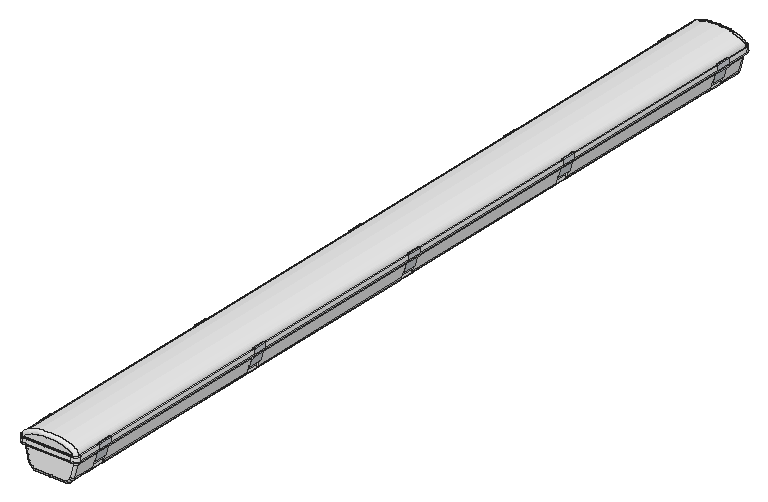
Revit family "0048719 Feilo Sylvania Lighting Fixture SYLPRF SUP LED G3 1500MM T 4K D MW", category Lighting Fixtures, host Face, Revit 2016
Family settings
  Host = Face
  Part Type = Normal
  Round Connector Dimension = Use Diameter
  OmniClass Number = 23.80.70.11.14
  OmniClass Title = General Luminaries, Directional
  Cut with Voids When Loaded = No
  Light Source = Yes
  Shared = No
  Room Calculation Point = No
Parameters (values of type "0048719 SYLPRF SUP LED G3 1500MM T 4K D MW")
  Width = 110 mm
  Weight = "2.46 kg"
  Wattage Comments = "n/a"
  Wattage = 48 W
  WarrantyStartDate [instance] = "n/a"
  WarrantyGuarantorParts = "n/a"
  WarrantyDurationUnit = "n/a"
  WarrantyDurationParts = "n/a"
  WarrantyDescription = "n/a"
  built-in parameter 1150110 = 1 (stored number, unit not read)
  Voltage = 230 V
  URL = "http://www.sylvania-lighting.com"
  TypeName = "SYLPRF SUP LED G3 1500MM T 4K D MW"
  Type Image = <None>
  Type Comments = "n/a"
  built-in parameter 1114217 = 1 (stored number, unit not read)
  Tilt Angle = -90.00°
  built-in parameter 1150109 = 1 (stored number, unit not read)
  built-in parameter 1150134 = 12
  built-in parameter 1150113 = 1 (stored number, unit not read)
  SerialNumber [instance] = "n/a"
  ReflectorMaterial = none
  PowerFactor = 0
  PowerConsumption = "48 W"
  Photometric Web File = "0048719.ies"
  NominalWidth = 0 mm
  NominalLength = 1578 mm
  NominalHeight = 78 mm
  Name = "SYLPRF SUP LED G3 1500MM T 4K D MW"
  ModelReference = "SYLPRF SUP LED G3 1500MM T 4K D MW"
  ModelNumber = "0048719"
  Model = "SYLPRF SUP LED G3 1500MM T 4K D MW"
  Material = "polycarbonate housing, polycarbonate diffuser"
  ManufacturerName = "Feilo Sylvania"
  Manufacturer = "Feilo Sylvania"
  LuminousEfficacy = "140 lm/W"
  built-in parameter 1150105 = 534.76 (stored number, unit not read)
  Lumens = 6720 lm
  LuminaireType = ""
  built-in parameter 1150115 = 1 (stored number, unit not read)
  LightOutputRatio = "n/a"
  built-in parameter 1150137 = (empty or 0)
  built-in parameter 1150139 = (empty or 0)
  Length = 1572 mm
  LampsType = Lamp  # "LED"
  LampNominalLuminous = "6750 lm"
  LampMacAdamStep = "3"
  LampColourTemperature = "4000 K"
  LampColourRenderingIndex = "80"
  built-in parameter 1150112 = 1 (stored number, unit not read)
  built-in parameter 1150114 = 1 (stored number, unit not read)
  Lamp = "LED"
  Keynote = "16500"
  InstallationDate [instance] = "n/a"
  InputVoltage = "220-240V~"
  InputNominalFrequency = "DC/50/60 Hz"
  built-in parameter 1150132 = (empty or 0)
  built-in parameter 1150102 = (empty or 0)
  built-in parameter 1150107 = 4000 (stored number, unit not read)
  built-in parameter 1150138 = (empty or 0)
  IngressProtection = "IP65"
  ImpactProtectionIndex = "IK08"
  built-in parameter 1150106 = 5.3476 (stored number, unit not read)
  IfcExportType = "IfcLightFixtureType"
  IfcExportAs = "IfcLightFixtureType"
  ExpectedLife = 50000
  Emit from Rectangle Width = Width - 20 mm  # 90 mm
  Emit from Rectangle Length = Length - 20 mm  # 1552 mm
  Emit Shape Visible in Rendering = no
  ElectricShockClassification = "Class I"
  built-in parameter 1150104 = 13.006 (stored number, unit not read)
  DurationUnit = "hours"
  DocumentationLiterature = "http://www.sylvania-lighting.com/product/en-int/products/0048719"
  DimmingControlOptions = "Dimmable"
  Dimming Lamp Color Temperature Shift = <None>
  DiffuserMaterial = Diffuser-Sylvania-Transparent
  Description = "Sylproof Superia, integrated LED weatherproof luminaire, with UV stabilized flat diffuser and linear prisms designed to achieve uniform lit appearance, optimise light output and to reduce glare, stainless steel diffuser clips and fixing brackets for surface and wall mounting. L 1578 mm x W 110 mm x H 78 mm size, Polycarbonate housing, Polycarbonate diffuser, DALI dimmable, with MW sensor, 4000K, CRI80,  6750 lm, 48 W, 140 lm/W, nominal average life (h):50000, energy class: A++ A+ A Class I,IK08, IP65."
  Default Elevation = 1219.2 mm
  CreatedOn = "3/27/2018"
  CreatedBy = "aron.fodor@feilosylvania.com"
  Cost = 0
  Color Filter = 16777215
  built-in parameter 1114216 [instance] = (empty or 0)
  ClassificationValue = "EF_70_80"
  ClassificationName = "Uniclass2015"
  BodyMaterial = Body-Sylvania-Gray
  BarCode [instance] = "n/a"
  built-in parameter 1114218 = 1 (stored number, unit not read)
  built-in parameter 1150133 = 10 (stored number, unit not read)
  AssetType = "Fixed"
  AssetIdentifier [instance] = "n/a"
  Assembly Code = "D5020200"
  Apparent Load = 48 VA
  AccessoryMaterial = Diffuser-Sylvania-Glow
Reference planes
  plane 1 "Center (Front/Back)": y = 0
  plane 2: z = 0
  plane 3 "Center (Left/Right)": x = 0
  plane 4: z = 54
  plane 5: x = -27.7
  plane 6: x = -34.8
  plane 7: x = -39.6
  plane 8: x = -42.2
  plane 9: z = 3
  plane 10: z = 7.8
  plane 11: z = 12.3
  plane 12: z = 36.6
  plane 13: z = 42.8
  plane 14: x = -51.1
  plane 15: z = 46.2
  plane 16: x = -55
  plane 17: y = 786
  plane 18: y = -786
  plane 19: x = 27.7
  plane 20: x = 34.8
  plane 21: x = 39.6
  plane 22: x = 42.2
  plane 23: x = 51.1
  plane 24: x = 55
  plane 25: y = 778.4
  plane 26: y = -778.4
  plane 27: y = -774.7
  plane 28: y = 774.7
  plane 29: z = 74
  plane 30: x = -51.5
  plane 31: x = 51.5
  plane 32: z = 55.2
  plane 33: y = -782.5
  plane 34: y = 782.5
  plane 35: x = -37.5
  plane 36: x = 37.5
  plane 37: x = -48.7
  plane 38: x = 48.7
  plane 39: x = 18
  plane 40: x = -18
  plane 41: z = 50.2
  plane 42: z = 24.6
  plane 43: y = 720
  plane 44: y = 706
  plane 45: y = 734
  plane 46: y = -720
  plane 47: y = 720
  plane 48: y = 706
  plane 49: y = 734
  plane 50: y = -720
  plane 51: y = -734
  plane 52: y = -706
  plane 53: y = 360
  plane 54: y = 346
  plane 55: y = 374
  plane 56: y = 0
  plane 57: y = -14
  plane 58: y = 14
  plane 59: y = -360
  plane 60: y = -374
  plane 61: y = -346
Forms (mm)
  Sweep 1, solid, material "Body-Sylvania-Gray" <- "BodyMaterial", detail levels medium+fine
    path origin (1223.4, -4572, 54) x (0, -1, 0) y (1, 0, 0)
      loop
        arc (-3796, -1278.4) -> (-3788.929, -1275.471) -> (-3786, -1268.4) r 10
        line (-3786, -1268.4) -> (-3786, -1178.4)
        arc (-3786, -1178.4) -> (-3788.929, -1171.329) -> (-3796, -1168.4) r 10
        line (-3796, -1168.4) -> (-5348, -1168.4)
        arc (-5348, -1168.4) -> (-5355.071, -1171.329) -> (-5358, -1178.4) r 10
        line (-5358, -1178.4) -> (-5358, -1268.4)
        arc (-5358, -1268.4) -> (-5355.071, -1275.471) -> (-5348, -1278.4) r 10
        line (-5348, -1278.4) -> (-3796, -1278.4)
    profile origin (-55, 0, 54) x (-1, 0, 0) y (0, 0, 1)
      loop
        line (0, 0) -> (-1, 0) -> (-1, -7.726)
        arc (-1, -7.726) -> (-1.994, -9.498) -> (-3.9, -10.2) r 2.937
        line (-3.9, -10.2) -> (-8.571, -10.2) -> (-8.571, -11.2) -> (-3.9, -11.2)
        arc (-3.9, -11.2) -> (-1.313, -10.231) -> (0, -7.8) r 3.937
        line (0, -7.8) -> (0, 0)
  Sweep 2, solid, material "Body-Sylvania-Gray" <- "BodyMaterial", detail levels medium+fine
    path origin (0, 0, 0) x (1, 0, 0) y (0, 0, 1)
      loop
        line (48.7, 42.8) -> (48.7, 36.6) -> (42.203, 12.31)
        arc (42.203, 12.31) -> (41.199, 9.884) -> (39.6, 7.8) r 10.052
        line (39.6, 7.8) -> (34.8, 3)
        arc (34.8, 3) -> (31.554, 0.781) -> (27.7, 0) r 9.902
        line (27.7, 0) -> (0, 0) -> (-27.7, 0)
        arc (-27.7, 0) -> (-31.554, 0.781) -> (-34.8, 3) r 9.902
        line (-34.8, 3) -> (-39.6, 7.8)
        arc (-39.6, 7.8) -> (-41.199, 9.884) -> (-42.203, 12.31) r 10.052
        line (-42.203, 12.31) -> (-48.7, 36.6) -> (-48.7, 42.8)
    profile origin (0, 0, 0) x (0, 0, -1) y (0, -1, 0)
      loop
        arc (0, 773.4) -> (-1.464, 776.936) -> (-5, 778.4) r 5
        line (-5, 778.4) -> (-7.8, 778.4) -> (-7.8, -778.4) -> (-5, -778.4)
        arc (-5, -778.4) -> (-1.464, -776.936) -> (0, -773.4) r 5
        line (0, -773.4) -> (0, 773.4)
  Extrusion 3, solid, material "Body-Sylvania-Gray" <- "BodyMaterial", detail levels medium+fine
    sketch origin (1524, 778.4, 1219.2) x (1, 0, 0) y (0, 0, 1)
      loop
        arc (-1558.668, -1204.874) -> (-1558.443, -1205.418) -> (-1558.085, -1205.885) r 2.252
        line (-1558.085, -1205.885) -> (-1553.231, -1210.738)
        arc (-1553.231, -1210.738) -> (-1552.534, -1211.227) -> (-1551.7, -1211.4) r 2.102
        line (-1551.7, -1211.4) -> (-1496.3, -1211.4)
        arc (-1496.3, -1211.4) -> (-1495.466, -1211.227) -> (-1494.769, -1210.738) r 2.102
        line (-1494.769, -1210.738) -> (-1489.915, -1205.885)
        arc (-1489.915, -1205.885) -> (-1489.557, -1205.418) -> (-1489.332, -1204.874) r 2.252
        line (-1489.332, -1204.874) -> (-1483.1, -1181.575) -> (-1483.1, -1176.4) -> (-1564.9, -1176.4) -> (-1564.9, -1181.575) -> (-1558.668, -1204.874)
    from 0 to 1556.8
  Sweep 4, solid, material "Diffuser-Sylvania-Transparent" <- "DiffuserMaterial", detail levels medium+fine
    path origin (0, 0, 0) x (1, 0, 0) y (0, 0, 1)
      loop
        spline (-51.5, 55.2) -> (-49.745, 60.066) -> (-44.6, 64.6) -> (-36.416, 68.494) -> (-25.75, 71.481) -> (-13.329, 73.359) -> (0, 74) -> (13.329, 73.359) -> (25.75, 71.481) -> (36.416, 68.494) -> (44.6, 64.6) -> (49.745, 60.066) -> (51.5, 55.2)
    profile origin (51.5, 0, 55.2) x (0, -1, 0) y (1, 0, 0)
      loop
        arc (782.5, -5.5) -> (780.889, -1.611) -> (777, 0) r 5.5
        line (777, 0) -> (-777, 0)
        arc (-777, 0) -> (-780.889, -1.611) -> (-782.5, -5.5) r 5.5
        line (-782.5, -5.5) -> (-782.5, -6.3) -> (-781.5, -6.3) -> (-781.5, -5.5)
        arc (-781.5, -5.5) -> (-780.182, -2.318) -> (-777, -1) r 4.5
        line (-777, -1) -> (777, -1)
        arc (777, -1) -> (780.182, -2.318) -> (781.5, -5.5) r 4.5
        line (781.5, -5.5) -> (781.5, -6.347) -> (782.5, -6.347) -> (782.5, -5.5)
  Extrusion 5, solid, material "Diffuser-Sylvania-Transparent" <- "DiffuserMaterial", detail levels medium+fine
    sketch origin (1524, -782.5, 1219.2) x (1, 0, 0) y (0, 0, 1)
      loop
        line (-1569.653, -1164) -> (-1478.347, -1164)
        spline (-1478.347, -1164) -> (-1478.969, -1162.594) -> (-1482.527, -1159.545) -> (-1489.588, -1156.201) -> (-1499.458, -1153.445) -> (-1511.242, -1151.663) -> (-1524, -1151.049) -> (-1536.758, -1151.663) -> (-1548.542, -1153.445) -> (-1558.412, -1156.201) -> (-1565.473, -1159.545) -> (-1569.031, -1162.594) -> (-1569.653, -1164)
    from 0 to -1
  Extrusion 6, solid, material "Diffuser-Sylvania-Transparent" <- "DiffuserMaterial", detail levels medium+fine
    sketch origin (1524, 782.5, 1219.2) x (1, 0, 0) y (0, 0, 1)
      loop
        spline (-1478.3, -1164) -> (-1478.931, -1162.565) -> (-1482.502, -1159.505) -> (-1489.572, -1156.155) -> (-1499.446, -1153.394) -> (-1511.236, -1151.614) -> (-1524, -1151.007) -> (-1536.764, -1151.614) -> (-1548.554, -1153.394) -> (-1558.428, -1156.155) -> (-1565.498, -1159.505) -> (-1569.069, -1162.565) -> (-1569.7, -1164)
        line (-1569.7, -1164) -> (-1478.3, -1164)
    from 0 to 1
  Extrusion 7, solid, material "Diffuser-Sylvania-Transparent" <- "DiffuserMaterial", detail levels medium+fine
    sketch origin (1223.4, -4572, 55.2) x (0, -1, 0) y (-1, 0, 0)
      loop
        arc (-5353.5, 1177.4) -> (-5352.182, 1174.218) -> (-5349, 1172.9) r 4.5
        line (-5349, 1172.9) -> (-3795, 1172.9)
        arc (-3795, 1172.9) -> (-3791.818, 1174.218) -> (-3790.5, 1177.4) r 4.5
        line (-3790.5, 1177.4) -> (-3790.5, 1269.4)
        arc (-3790.5, 1269.4) -> (-3791.818, 1272.582) -> (-3795, 1273.9) r 4.5
        line (-3795, 1273.9) -> (-5349, 1273.9)
        arc (-5349, 1273.9) -> (-5352.182, 1272.582) -> (-5353.5, 1269.4) r 4.5
        line (-5353.5, 1269.4) -> (-5353.5, 1177.4)
      loop
        line (-5358, 1268.4) -> (-5358, 1178.4)
        arc (-5358, 1178.4) -> (-5355.071, 1171.329) -> (-5348, 1168.4) r 10
        line (-5348, 1168.4) -> (-3796, 1168.4)
        arc (-3796, 1168.4) -> (-3788.929, 1171.329) -> (-3786, 1178.4) r 10
        line (-3786, 1178.4) -> (-3786, 1268.4)
        arc (-3786, 1268.4) -> (-3788.929, 1275.471) -> (-3796, 1278.4) r 10
        line (-3796, 1278.4) -> (-5348, 1278.4)
        arc (-5348, 1278.4) -> (-5355.071, 1275.471) -> (-5358, 1268.4) r 10
    from 0 to 1.2
  Extrusion 8, solid, material "Diffuser-Sylvania-Glow" <- "AccessoryMaterial", detail levels fine
    sketch origin (0, 0, 0) x (1, 0, 0) y (0, 0, 1)
      loop
        circle (-18, 50.2) r 8
      loop
        circle (18, 50.2) r 8
    from -774.7 to 774.7
  Extrusion 9, void
    sketch origin (0, 720, 2343.807) x (0, 0, -1) y (-1, 0, 0)
      loop
        line (2340.807, -37.5) -> (2331.507, -37.5) -> (2319.207, -42.2) -> (2319.207, -48.7) -> (2340.807, -48.7) -> (2340.807, -37.5)
      loop
        line (2340.807, 37.5) -> (2340.807, 48.7) -> (2319.207, 48.7) -> (2319.207, 42.2) -> (2331.507, 37.5) -> (2340.807, 37.5)
    from -14 to 14
  Extrusion 10, solid, material "Body-Sylvania-Gray" <- "BodyMaterial", detail levels coarse
    sketch origin (0, 0, 0) x (1, 0, 0) y (0, 0, 1)
      loop
        line (55, 42.8) -> (55, 55.2) -> (-55, 55.2) -> (-55, 42.791) -> (-42.2, 0) -> (42.2, 0) -> (55, 42.8)
    from -786 to 786
  Extrusion 11, solid, material "Diffuser-Sylvania-Transparent" <- "DiffuserMaterial", detail levels coarse
    sketch origin (0, 0, 0) x (1, 0, 0) y (0, 0, 1)
      loop
        arc (51.5, 55.2) -> (0, 74) -> (-51.5, 55.2) r 79.939
        line (-51.5, 55.2) -> (51.5, 55.2)
    from 778.4 to -778.4
  Extrusion 12, void, not visible
    sketch origin (0, 720, 2343.807) x (0, 0, -1) y (-1, 0, 0)
      loop
        line (2340.807, -37.5) -> (2331.507, -37.5) -> (2319.207, -42.2) -> (2319.207, -48.7) -> (2340.807, -48.7) -> (2340.807, -37.5)
      loop
        line (2340.807, 37.5) -> (2340.807, 48.7) -> (2319.207, 48.7) -> (2319.207, 42.2) -> (2331.507, 37.5) -> (2340.807, 37.5)
    from -14 to 14
  Extrusion 13, void
    sketch origin (0, -720, 2343.807) x (0, 0, -1) y (-1, 0, 0)
      loop
        line (2340.807, -37.5) -> (2331.507, -37.5) -> (2319.207, -42.2) -> (2319.207, -48.7) -> (2340.807, -48.7) -> (2340.807, -37.5)
      loop
        line (2340.807, 37.5) -> (2340.807, 48.7) -> (2319.207, 48.7) -> (2319.207, 42.2) -> (2331.507, 37.5) -> (2340.807, 37.5)
    from -14 to 14
  Extrusion 14, void
    sketch origin (0, 360, 2343.807) x (0, 0, -1) y (-1, 0, 0)
      loop
        line (2340.807, -37.5) -> (2331.507, -37.5) -> (2319.207, -42.2) -> (2319.207, -48.7) -> (2340.807, -48.7) -> (2340.807, -37.5)
      loop
        line (2340.807, 37.5) -> (2340.807, 48.7) -> (2319.207, 48.7) -> (2319.207, 42.2) -> (2331.507, 37.5) -> (2340.807, 37.5)
    from -14 to 14
  Extrusion 15, void
    sketch origin (0, 0, 2343.807) x (0, 0, -1) y (-1, 0, 0)
      loop
        line (2340.807, -37.5) -> (2331.507, -37.5) -> (2319.207, -42.2) -> (2319.207, -48.7) -> (2340.807, -48.7) -> (2340.807, -37.5)
      loop
        line (2340.807, 37.5) -> (2340.807, 48.7) -> (2319.207, 48.7) -> (2319.207, 42.2) -> (2331.507, 37.5) -> (2340.807, 37.5)
    from -14 to 14
  Extrusion 16, void
    sketch origin (0, -360, 2343.807) x (0, 0, -1) y (-1, 0, 0)
      loop
        line (2340.807, -37.5) -> (2331.507, -37.5) -> (2319.207, -42.2) -> (2319.207, -48.7) -> (2340.807, -48.7) -> (2340.807, -37.5)
      loop
        line (2340.807, 37.5) -> (2340.807, 48.7) -> (2319.207, 48.7) -> (2319.207, 42.2) -> (2331.507, 37.5) -> (2340.807, 37.5)
    from -14 to 14
Cuts and joins
  Extrusion 9, Extrusion 13, Extrusion 14, Extrusion 15, Extrusion 16 cuts Sweep 2
  Extrusion 13, Extrusion 14, Extrusion 15, Extrusion 16 cuts Extrusion 3
  joined: Sweep 2, Extrusion 3
  joined: Sweep 4, Extrusion 5, Extrusion 6
Dimensions and locks
  locked: plane 4 to plane 2 at 54
  plane 5 to plane 6 to plane 7 to plane 8 to plane 14 to plane 16 = 7.1 mm locked, 4.8 mm locked, 2.6 mm locked, 8.9 mm, 3.9 mm
  plane 4 to plane 15 to plane 13 to plane 12 to plane 11 to plane 10 to plane 9 = 7.8 mm locked, 3.4 mm, 6.2 mm locked, 24.3 mm locked, 4.5 mm locked, 4.8 mm locked
  equal spacing: plane 18, plane 1 "Center (Front/Back)", plane 17
  "Length": plane 18 to plane 17
  plane 19 to plane 20 to plane 21 to plane 22 to plane 23 to plane 24 = 7.1 mm locked, 4.8 mm locked, 2.6 mm locked, 8.9 mm, 3.9 mm
  equal spacing: plane 24, plane 3 "Center (Left/Right)", plane 16
  "Width": plane 24 to plane 16
  equal spacing: plane 27, plane 1 "Center (Front/Back)", plane 28
  locked: plane 26 to plane 27 at 3.7
  locked: Sweep 1 sketch curve to profile plane at 1
  locked: Sweep 1 sketch curve to plane 13 at 1
  locked: Sweep 1 sketch curve to plane 13 at 3.937  (x2)
  locked: Sweep 1 sketch curve to profile plane at 3.9  (x2)
  locked: plane 29 to plane 4 at 20
  equal spacing: plane 31, plane 3 "Center (Left/Right)", plane 30
  locked: plane 30 to plane 16 at 3.5
  locked: plane 32 to plane 4 at 1.2
  equal spacing: plane 33, plane 1 "Center (Front/Back)", plane 34
  equal spacing: plane 36, plane 3 "Center (Left/Right)", plane 35
  locked: plane 3 "Center (Left/Right)" to plane 35 at 37.5
  locked: plane 34 to plane 17 at 3.5
  equal spacing: plane 38, plane 3 "Center (Left/Right)", plane 37
  locked: plane 37 to plane 16 at 6.3
  equal spacing: plane 25, plane 1 "Center (Front/Back)", plane 26
  locked: plane 17 to plane 25 at 7.6
  locked: Sweep 2 sketch curve to plane 2 at 5  (x2)
  locked: Sweep 2 sketch curve to plane 26 at 5
  locked: plane 25 to Sweep 2 sketch curve at 5
  locked: Sweep 4 sketch curve to plane 31 at 5.5  (x2)
  locked: Sweep 4 sketch curve to plane 34 at 5.5
  plane 33 to Sweep 4 sketch curve = 5.5 mm
  locked: plane 34 to Sweep 4 sketch curve at 1
  locked: Sweep 4 sketch curve to plane 31 at 1
  locked: Sweep 4 sketch curve to Sweep 4 sketch curve at 1
  locked: Sweep 4 sketch curve to plane 31 at 6.347
  locked: Sweep 4 sketch curve to plane 31 at 6.3
  equal spacing: plane 39, plane 3 "Center (Left/Right)", plane 40
  locked: plane 3 "Center (Left/Right)" to plane 40 at 18
  locked: plane 42 to plane 2 at 24.6
  plane 45 to plane 43 to plane 44 = 14 mm locked, 14 mm locked
  locked: plane 17 to plane 43 at 66
  equal spacing: plane 43, plane 1 "Center (Front/Back)", plane 46
  plane 49 to plane 47 to plane 48 = 14 mm locked, 14 mm locked
  plane 52 to plane 50 to plane 51 = 14 mm locked, 14 mm locked  (x2)
  equal spacing: group 1, group 6, group 7, group 8, group 5  (x2)
  equal spacing: group 5, group 8, group 7, group 6, group 1
  plane 55 to plane 53 to plane 54 = 14 mm locked, 14 mm locked  (x2)
  plane 58 to plane 56 to plane 57 = 14 mm locked, 14 mm locked  (x2)
  plane 61 to plane 59 to plane 60 = 14 mm locked, 14 mm locked  (x2)
  plane 43 to plane 53 to plane 1 "Center (Front/Back)" to plane 59 to plane 50 = 360 mm locked, 360 mm locked, 360 mm locked, 360 mm locked
  aligned and locked: plane 2 to host face
  aligned and locked: level to host face
  aligned and locked: plane 16 to Sweep 1 sketch curve
  aligned and locked: Sweep 1 sketch curve to plane 24
  aligned and locked: plane 18 to Sweep 1 sketch curve
  aligned and locked: Sweep 1 sketch curve to plane 13
  aligned and locked: profile plane to Sweep 1 sketch curve
  aligned and locked: plane 3 "Center (Left/Right)" to Sweep 2 sketch curve
  aligned and locked: plane 9 to Sweep 2 sketch curve
  aligned and locked: plane 10 to Sweep 2 sketch curve
  aligned and locked: plane 37 to Sweep 2 sketch curve
  aligned and locked: plane 12 to Sweep 2 sketch curve
  aligned and locked: Sweep 2 sketch curve to level
  aligned and locked: plane 21 to Sweep 2 sketch curve
  aligned and locked: plane 38 to Sweep 2 sketch curve
  aligned and locked: profile plane to Sweep 2 sketch curve
  aligned and locked: plane 25 to Sweep 2 sketch curve
  aligned and locked: Sweep 2 sketch curve to plane 10
  aligned and locked: Extrusion 3 sketch curve to Sweep 2  (x7)
  aligned and locked: Sweep 2 to Extrusion 3 sketch curve
  aligned and locked: Extrusion 3 to plane 25
  aligned and locked: plane 26 to Extrusion 3
  aligned and locked: plane 32 to Sweep 4 sketch curve
  aligned and locked: plane 33 to Sweep 4 sketch curve
  aligned and locked: Sweep 4 to Extrusion 5
  aligned and locked: plane 33 to Extrusion 5
  aligned and locked: Extrusion 5 sketch curve to Sweep 4
  aligned and locked: cut or joined group of Sweep 4, Extrusion 5, Extrusion 6 to Extrusion 6 sketch curve
  aligned and locked: Extrusion 7 sketch curve to cut or joined group of Sweep 4, Extrusion 5, Extrusion 6  (x2)
  aligned and locked: cut or joined group of Sweep 4, Extrusion 5, Extrusion 6 to Extrusion 7 sketch curve  (x2)
  aligned and locked: plane 41 to Extrusion 8 sketch curve  (x2)
  aligned and locked: plane 39 to Extrusion 8 sketch curve
  aligned and locked: plane 27 to Extrusion 8
  aligned and locked: Extrusion 8 to plane 28
  aligned and locked: Extrusion 9 to plane 42
  aligned and locked: plane 9 to Extrusion 9
  aligned and locked: plane 44 to Extrusion 9
  aligned and locked: Extrusion 9 to plane 45
  aligned and locked: Extrusion 7 sketch curve to Sweep 1  (x4)
  aligned and locked: plane 4 to Extrusion 7
  aligned and locked: Extrusion 7 to plane 32
  aligned and locked: nested 2 to plane 43
  aligned and locked: plane 43 to nested 1
  aligned and locked: Extrusion 10 sketch curve to plane 24
  aligned and locked: Extrusion 10 sketch curve to Extrusion 7
  aligned and locked: plane 8 to Extrusion 10 sketch curve
  aligned and locked: plane 22 to Extrusion 10 sketch curve
  aligned and locked: level to Extrusion 10 sketch curve
  aligned and locked: Extrusion 10 to plane 17
  aligned and locked: plane 18 to Extrusion 10
  aligned and locked: cut or joined group of Sweep 4, Extrusion 5, Extrusion 6 to Extrusion 11 sketch curve
  aligned and locked: Extrusion 11 sketch curve to cut or joined group of Sweep 4, Extrusion 5, Extrusion 6  (x2)
  aligned and locked: plane 31 to Extrusion 11 sketch curve
  aligned and locked: plane 30 to Extrusion 11 sketch curve
  aligned and locked: plane 26 to Extrusion 11
  aligned and locked: Extrusion 11 to plane 25
  aligned and locked: imposter light to plane 29
  aligned and locked: plane 3 "Center (Left/Right)" to imposter light
  aligned and locked: plane 1 "Center (Front/Back)" to imposter light
  aligned and locked: plane 51 to Extrusion 13
  aligned and locked: Extrusion 13 to plane 52
  aligned and locked: plane 54 to Extrusion 14
  aligned and locked: Extrusion 14 to plane 55
  aligned and locked: plane 57 to Extrusion 15
  aligned and locked: Extrusion 15 to plane 58
  aligned and locked: plane 60 to Extrusion 16
  aligned and locked: Extrusion 16 to plane 61
  aligned and locked: nested 3 to plane 53
  aligned and locked: plane 53 to nested 10
  aligned and locked: nested 4 to plane 56
  aligned and locked: plane 56 to nested 9
  aligned and locked: nested 5 to plane 59
  aligned and locked: plane 59 to nested 8
  aligned and locked: nested 6 to plane 50
  aligned and locked: plane 50 to nested 7
Automatic sketch dimensions
  host sketch curve to host sketch curve = 2438.4 mm  (x2)
  plane 17 to Sweep 1 sketch curve = 0 mm
  Sweep 1 sketch curve to plane 28 = 1.3 mm
  Sweep 1 sketch curve to plane 7 = 5.4 mm
  plane 27 to Sweep 1 sketch curve = 1.3 mm  (x2)
  Sweep 1 sketch curve to Sweep 1 sketch curve = 4.671 mm
  Sweep 1 sketch curve to plane 4 = 0 mm
  Sweep 2 sketch curve to plane 7 = 0 mm
  Sweep 2 sketch curve to plane 6 = 0 mm
  Sweep 2 sketch curve to plane 5 = 0 mm
  plane 19 to Sweep 2 sketch curve = 0 mm
  Sweep 2 sketch curve to plane 9 = 0 mm
  plane 20 to Sweep 2 sketch curve = 0 mm
  Sweep 2 sketch curve to plane 12 = 0 mm
  Sweep 2 sketch curve to plane 10 = 0 mm
  Sweep 2 sketch curve to plane 13 = 0 mm  (x2)
  Sweep 2 sketch curve to plane 8 = 0.003 mm
  plane 6 to Sweep 2 sketch curve = 2.308 mm
  plane 20 to Sweep 2 sketch curve = 2.308 mm
  Sweep 2 sketch curve to plane 22 = 0.003 mm
  Sweep 2 sketch curve to plane 11 = 0.01 mm  (x2)
  Extrusion 3 sketch curve to plane 5 = 0 mm
  plane 19 to Extrusion 3 sketch curve = 0 mm
  plane 6 to Extrusion 3 sketch curve = 0.132 mm
  plane 6 to Extrusion 3 sketch curve = 0.715 mm
  Extrusion 3 sketch curve to Extrusion 3 sketch curve = 1.592 mm
  Extrusion 3 sketch curve to plane 10 = 0.662 mm  (x2)
  plane 20 to Extrusion 3 sketch curve = 2.308 mm
  plane 20 to Extrusion 3 sketch curve = 0.715 mm
  plane 20 to Extrusion 3 sketch curve = 0.132 mm
  Sweep 4 sketch curve to plane 30 = 0 mm
  Sweep 4 sketch curve to plane 3 "Center (Left/Right)" = 0 mm
  Sweep 4 sketch curve to Sweep 4 sketch curve = 0 mm  (x2)
  plane 37 to Extrusion 5 sketch curve = 3.047 mm
  Extrusion 5 sketch curve to plane 38 = 3.047 mm
  plane 37 to Extrusion 6 sketch curve = 3 mm
  Extrusion 6 sketch curve to plane 38 = 3 mm
  plane 25 to Extrusion 7 sketch curve = 1.4 mm  (x2)
  Extrusion 7 sketch curve to plane 26 = 1.4 mm  (x2)
  Extrusion 8 sketch curve to plane 40 = 0 mm
  Extrusion 9 sketch curve to Extrusion 9 sketch curve = 0 mm
  Extrusion 9 sketch curve to Extrusion 9 sketch curve = 12.3 mm  (x2)
  Extrusion 9 sketch curve to Extrusion 9 sketch curve = 9.3 mm  (x2)
  Extrusion 9 sketch curve to Extrusion 9 sketch curve = 6.5 mm
  Extrusion 9 sketch curve to Extrusion 9 sketch curve = 4.7 mm  (x2)
  Extrusion 9 sketch curve to Extrusion 9 sketch curve = 75 mm
  Extrusion 9 sketch curve to Extrusion 9 sketch curve = 11.2 mm
  Extrusion 10 sketch curve to plane 13 = 0 mm
  plane 13 to Extrusion 10 sketch curve = 0.009 mm
  Extrusion 11 sketch curve to level = 5.939 mm
  Extrusion 10 sketch curve to plane 16 = 0 mm
  Extrusion 12 sketch curve to Extrusion 12 sketch curve = 0 mm
  Extrusion 12 sketch curve to Extrusion 12 sketch curve = 12.3 mm  (x2)
  Extrusion 12 sketch curve to Extrusion 12 sketch curve = 9.3 mm  (x2)
  Extrusion 12 sketch curve to Extrusion 12 sketch curve = 6.5 mm
  Extrusion 12 sketch curve to Extrusion 12 sketch curve = 4.7 mm  (x2)
  Extrusion 12 sketch curve to Extrusion 12 sketch curve = 75 mm
  Extrusion 12 sketch curve to Extrusion 12 sketch curve = 11.2 mm
  Extrusion 13 sketch curve to Extrusion 13 sketch curve = 0 mm
  Extrusion 13 sketch curve to Extrusion 13 sketch curve = 12.3 mm  (x2)
  Extrusion 13 sketch curve to Extrusion 13 sketch curve = 9.3 mm  (x2)
  Extrusion 13 sketch curve to Extrusion 13 sketch curve = 6.5 mm
  Extrusion 13 sketch curve to Extrusion 13 sketch curve = 4.7 mm  (x2)
  Extrusion 13 sketch curve to Extrusion 13 sketch curve = 75 mm
  Extrusion 13 sketch curve to Extrusion 13 sketch curve = 11.2 mm
  Extrusion 14 sketch curve to Extrusion 14 sketch curve = 0 mm
  Extrusion 14 sketch curve to Extrusion 14 sketch curve = 12.3 mm  (x2)
  Extrusion 14 sketch curve to Extrusion 14 sketch curve = 9.3 mm  (x2)
  Extrusion 14 sketch curve to Extrusion 14 sketch curve = 6.5 mm
  Extrusion 14 sketch curve to Extrusion 14 sketch curve = 4.7 mm  (x2)
  Extrusion 14 sketch curve to Extrusion 14 sketch curve = 75 mm
  Extrusion 14 sketch curve to Extrusion 14 sketch curve = 11.2 mm
  Extrusion 15 sketch curve to Extrusion 15 sketch curve = 0 mm
  Extrusion 15 sketch curve to Extrusion 15 sketch curve = 12.3 mm  (x2)
  Extrusion 15 sketch curve to Extrusion 15 sketch curve = 9.3 mm  (x2)
  Extrusion 15 sketch curve to Extrusion 15 sketch curve = 6.5 mm
  Extrusion 15 sketch curve to Extrusion 15 sketch curve = 4.7 mm  (x2)
  Extrusion 15 sketch curve to Extrusion 15 sketch curve = 75 mm
  Extrusion 15 sketch curve to Extrusion 15 sketch curve = 11.2 mm
  Extrusion 16 sketch curve to Extrusion 16 sketch curve = 0 mm
  Extrusion 16 sketch curve to Extrusion 16 sketch curve = 12.3 mm  (x2)
  Extrusion 16 sketch curve to Extrusion 16 sketch curve = 9.3 mm  (x2)
  Extrusion 16 sketch curve to Extrusion 16 sketch curve = 6.5 mm
  Extrusion 16 sketch curve to Extrusion 16 sketch curve = 4.7 mm  (x2)
  Extrusion 16 sketch curve to Extrusion 16 sketch curve = 75 mm
  Extrusion 16 sketch curve to Extrusion 16 sketch curve = 11.2 mm
  radius of Extrusion 8 sketch curve = 8 mm  (x2)
Nested families
  nested 1: "Clip" at (42.2, 720, 24.6), type "Clip", detail levels fine
  nested 2: "Clip" at (-42.2, 720, 24.6) x (-1, 0, 0) z (0, 0, 1), type "Clip", detail levels fine
  nested 3: "Clip" at (-42.2, 360, 24.6) x (-1, 0, 0) z (0, 0, 1), type "Clip", detail levels fine
  nested 4: "Clip" at (-42.2, 0, 24.6) x (-1, 0, 0) z (0, 0, 1), type "Clip", detail levels fine
  nested 5: "Clip" at (-42.2, -360, 24.6) x (-1, 0, 0) z (0, 0, 1), type "Clip", detail levels fine
  nested 6: "Clip" at (-42.2, -720, 24.6) x (-1, 0, 0) z (0, 0, 1), type "Clip", detail levels fine
  nested 7: "Clip" at (42.2, -720, 24.6), type "Clip", detail levels fine
  nested 8: "Clip" at (42.2, -360, 24.6), type "Clip", detail levels fine
  nested 9: "Clip" at (42.2, 0, 24.6), type "Clip", detail levels fine
  nested 10: "Clip" at (42.2, 360, 24.6), type "Clip", detail levels fine
Connectors
  electrical at (0, 0, 0), driven by "Apparent Load"
    settings: index 1, voltage 230 V, apparent load 48 VA, apparent load phase1 0 VA, apparent load phase2 0 VA, apparent load phase3 0 VA, power factor 0, load classification "Lighting", number of poles 1, system type 30, power factor state 1, is connector primary yes, connector utility no, sub classification motor no, connector description ""
Definition of nested family "Clip"
  Parameters (values of type "Clip")
    URL = "http://www.feilosylvania.com"
    Type Comments = "n/a"
    Model = "n/a"
    Manufacturer = "Feilo Sylvania"
    Keynote = "n/a"
    Description = "n/a"
    Default Elevation = 1219.2 mm
    Cost = 0
    BodyMaterial = none
    Assembly Code = "n/a"
  Reference planes
    plane 1 "Center (Front/Back)": y = 0
    plane 2: z = 0
    plane 3 "Center (Left/Right)": x = 0
    plane 4: x = 3.3
    plane 5: x = 6.5
    plane 6: x = 8.9
    plane 7: x = 12.8
    plane 8: z = 12
    plane 9: z = 18.2
    plane 10: z = 21.6
    plane 11: z = 30.6
    plane 12: x = 9.3
    plane 13: z = 19.2
    plane 14: z = 16.2
    plane 15: x = 10.1
    plane 16: y = 12
    plane 17: y = -12
  Forms (mm)
    Extrusion 1, solid
      sketch origin (-0.8, 0, 0) x (1, 0, 0) y (0, 1, 0)
        loop
          line (-1219.2, 1219.2) -> (-1219.2, -1219.2) -> (1219.2, -1219.2) -> (1219.2, 1219.2) -> (-1219.2, 1219.2)
      from 0 to -304.8
    Extrusion 2, solid
      sketch origin (0, 0, 0) x (1, 0, 0) y (0, 0, 1)
        loop
          line (8.9, 16.2) -> (4.58, 0) -> (0, 0) -> (0, -0.8) -> (5.195, -0.8) -> (9.603, 15.731) -> (13.6, 18.806) -> (13.6, 30.6)
          arc (13.6, 30.6) -> (11.45, 32.75) -> (9.3, 30.6) r 2.15
          line (9.3, 30.6) -> (10.1, 30.6)
          arc (10.1, 30.6) -> (11.45, 31.95) -> (12.8, 30.6) r 1.35
          line (12.8, 30.6) -> (12.8, 19.2) -> (8.9, 16.2)
      from -12 to 12
  Lines and regions (mm)
    reference lines
      curve 1: line (3.3, 0, 0) -> (6.5, 0, 12)
      curve 2: arc (8.9, 0, 18.2) -> (11.488, 0, 19.169) -> (12.8, 0, 21.6) r 3.934
  Dimensions and locks
    plane 7 to plane 6 to plane 5 to plane 4 to plane 3 "Center (Left/Right)" = 3.9 mm locked, 2.4 mm locked, 3.2 mm locked, 3.3 mm locked
    plane 11 to plane 10 to plane 9 to plane 8 to plane 2 = 9 mm locked, 3.4 mm locked, 6.2 mm locked, 12 mm locked
    locked: plane 7 to plane 12 at 3.5
    locked: plane 13 to plane 9 at 1
    locked: plane 9 to plane 14 at 2
    locked: plane 15 to plane 12 at 0.8
    locked: plane 2 to Extrusion 2 sketch curve at 0.8
    locked: Extrusion 2 sketch curve to Extrusion 2 sketch curve at 0.8  (x3)
    locked: plane 7 to Extrusion 2 sketch curve at 1.35
    equal spacing: plane 17, plane 1 "Center (Front/Back)", plane 16
    locked: plane 1 "Center (Front/Back)" to plane 16 at 12
    aligned and locked: plane 2 to Extrusion 1
    aligned and locked: level to Extrusion 1
    aligned and locked: plane 4 to curve 1
    aligned and locked: plane 5 to curve 1
    aligned and locked: plane 6 to curve 2
    aligned and locked: plane 10 to curve 2
    aligned and locked: plane 14 to Extrusion 2 sketch curve
    aligned and locked: plane 13 to Extrusion 2 sketch curve
    aligned and locked: plane 7 to Extrusion 2 sketch curve
    aligned and locked: plane 3 "Center (Left/Right)" to Extrusion 2 sketch curve
    aligned and locked: Extrusion 2 sketch curve to level
    aligned and locked: Extrusion 2 sketch curve to plane 11
    aligned and locked: plane 11 to Extrusion 2 sketch curve
    aligned and locked: Extrusion 2 to plane 16
    aligned and locked: plane 17 to Extrusion 2
  Automatic sketch dimensions
    Extrusion 1 sketch curve to Extrusion 1 sketch curve = 2438.4 mm  (x2)
    curve 2 to plane 7 = 0 mm
    curve 1 to level = 0 mm
    curve 1 to plane 8 = 0 mm
    curve 2 to plane 9 = 0 mm
    plane 6 to curve 2 = 0.002 mm
    Extrusion 2 sketch curve to Extrusion 2 sketch curve = 0 mm
    Extrusion 2 sketch curve to plane 6 = 0 mm
    plane 4 to Extrusion 2 sketch curve = 1.28 mm
